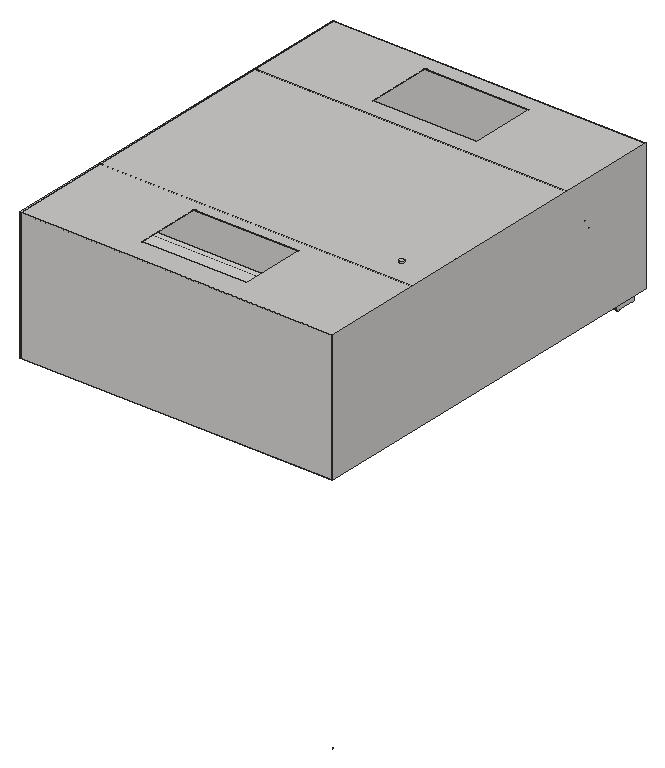
Revit family "QF_ELECTROLUXPROFESSIONAL_641257_STPF1512", category Specialty Equipment, Revit 2014
Reference planes
  plane 1: z = 0
  plane 2 "Center (Left/Right)": x = 150
  plane 3 "LEFT": x = -450
  plane 4 "RIGHT": x = 750
  plane 5 "BACK": y = 550
  plane 6 "TOP": z = 2500
  plane 7 "Base": z = 2000
  plane 8: z = 1955
  plane 9 "DrainY": y = 490
  plane 10: x = -447
  plane 11 "DrainX": x = 630
  plane 12 "AOLeft2": x = 350
  plane 13: x = 747
  plane 14: x = -250
  plane 15: x = 550
  plane 16 "Center (Front/Back)": y = -100
  plane 17 "Front": y = -950
  plane 18 "AOLeft1": x = -50
  plane 19: y = -864
  plane 20: y = -614
  plane 21: y = 240
  plane 22: y = 490
  plane 23 "EI_y": y = -470
  plane 24 "EIx": x = 630
Forms (mm)
  Extrusion 1, solid, material "QF_Finishes_Stainless Steel"
    sketch origin (-450, 0, 360) x (0, 1, 0) y (0, 0, 1)
      loop
        line (550, 1640) -> (550, 2140) -> (-950, 2140) -> (-950, 1640) -> (550, 1640)
    from 0 to 3
  Extrusion 2, solid, material "QF_Finishes_Stainless Steel"
    sketch origin (750, 0, 360) x (0, 1, 0) y (0, 0, 1)
      loop
        line (550, 1640) -> (550, 2140) -> (-950, 2140) -> (-950, 1640) -> (550, 1640)
    from 0 to -3
  Extrusion 3, solid, material "QF_Finishes_Stainless Steel"
    sketch origin (150, 0, 360) x (0, 1, 0) y (0, 0, 1)
      loop
        line (-950, 2140) -> (-950, 1640) -> (-940, 1640) -> (-940, 1640.8) -> (-949.2, 1640.8) -> (-949.2, 2139.19) -> (549.2, 2139.19) -> (549.2, 1640.8) -> (540, 1640.8) -> (540, 1640) -> (550, 1640) -> (550, 2140) -> (-950, 2140)
    from -600 to 600
  Extrusion 4, solid, material "QF_Finishes_Stainless Steel"
    sketch origin (0, 0, 2000) x (0, 1, 0) y (-1, 0, 0)
      loop
        circle (490, -630) r 4.763
    from -30 to 0
  Extrusion 5, void
    sketch origin (0, 0, 2500) x (0, 1, 0) y (-1, 0, 0)
      loop
        line (-614, -350) -> (-614, 50) -> (-864, 50) -> (-864, -350) -> (-614, -350)
    from 0 to -10
  Extrusion 6, solid, material "QF_Finishes_Stainless Steel"
    sketch origin (0, 0, 0) x (1, 0, 0) y (0, 1, 0)
      loop
        line (-450, 550) -> (-450, 549) -> (-449, 549) -> (-449, 550) -> (-450, 550)
    from 0 to 1
  Extrusion 7, solid, material "QF_LAMPS"
    sketch origin (150, 0, 360) x (0, 1, 0) y (0, 0, 1)
      loop
        line (-572.823, 1962.324) -> (-418.948, 2086.929) -> (-427.129, 2097.032) -> (-581.003, 1972.426) -> (-572.823, 1962.324)
    from 597 to -597
  Sweep 8, solid, material "QF_Finishes_Stainless Steel"
    path origin (0, 0, 0) x (1, 0, 0) y (0, 1, 0)
      loop
        line (750, 550) -> (-450, 550) -> (-450, -950) -> (750, -950) -> (750, 550)
    profile origin (750, -200, 0) x (1, 0, 0) y (0, 0, 1)
      loop
        line (-3, 2000) -> (-3, 2000.8) -> (-19, 2000.8) -> (-19, 2010) -> (-20, 2010) -> (-20, 2000) -> (-3, 2000)
  Extrusion 9, solid, material "QF_Finishes_Stainless Steel"
    sketch origin (150, 0, 0) x (0, 1, 0) y (0, 0, 1)
      loop
        line (414.66, 2095.469) -> (440.643, 2110.471) -> (261.744, 2411.771) -> (235.948, 2396.455) -> (414.66, 2095.469)
    from -597 to -400
  Extrusion 10, solid, material "QF_Finishes_Stainless Steel"
    sketch origin (630, 0, 0) x (0, 1, 0) y (0, 0, 1)
      loop
        line (539, 2000) -> (441, 2000) -> (441, 1989) -> (448.5, 1989) -> (448.5, 1965)
        arc (448.5, 1965) -> (451.429, 1957.929) -> (458.5, 1955) r 10
        line (458.5, 1955) -> (521.5, 1955)
        arc (521.5, 1955) -> (528.571, 1957.929) -> (531.5, 1965) r 10
        line (531.5, 1965) -> (531.5, 1989) -> (539, 1989) -> (539, 2000)
    from 90 to -90
  Extrusion 11, solid, material "QF_Finishes_Stainless Steel"
    sketch origin (150, 0, 0) x (0, 1, 0) y (0, 0, 1)
      loop
        line (414.66, 2095.469) -> (440.643, 2110.471) -> (261.744, 2411.771) -> (235.948, 2396.455) -> (414.66, 2095.469)
    from 400 to 597
  Extrusion 12, solid, material "QF_Finished_Chrome"
    sketch origin (150, 0, 0) x (0, 1, 0) y (0, 0, 1)
      loop
        line (414.66, 2095.469) -> (440.643, 2110.471) -> (261.744, 2411.771) -> (235.948, 2396.455) -> (414.66, 2095.469)
    from -400 to 400
  Extrusion 13, void
    sketch origin (0, 1180, 2500) x (0, 1, 0) y (-1, 0, 0)
      loop
        line (-690, -350) -> (-690, 50) -> (-940, 50) -> (-940, -350) -> (-690, -350)
    from 0 to -10
  Extrusion 14, solid, material "QF_Finishes_Stainless Steel"
    sketch origin (0, 0, 2500) x (0, 1, 0) y (-1, 0, 0)
      loop
        circle (-470, -630) r 10
    from 0 to 1.6
  Extrusion 15, solid, material "QF_Finishes_Stainless Steel"
    sketch origin (150, 0, 360) x (0, 1, 0) y (0, 0, 1)
      loop
        line (430.005, 1640) -> (540, 1640) -> (540, 1640.8) -> (430.467, 1640.8) -> (371.906, 1742.23) -> (414.858, 1734.657) -> (442.266, 1750.481) -> (442.266, 1765.943) -> (441.466, 1765.943) -> (441.466, 1750.943) -> (414.709, 1735.495) -> (321.153, 1751.991) -> (320.875, 1750.416) -> (371.4, 1741.507) -> (430.005, 1640)
      loop
        line (172.529, 2139.19) -> (242.893, 2017.316) -> (245.133, 2018.715) -> (240.13, 2027.381) -> (238.569, 2026.405) -> (173.453, 2139.19) -> (172.529, 2139.19)
    from -597 to 597
  Extrusion 16, solid, material "QF_Finishes_Stainless Steel"
    sketch origin (150, 200.8, 360) x (0, 1, 0) y (0, 0, 1)
      loop
        line (-1150, 2139.19) -> (-1150, 1640) -> (-1086.602, 1640) -> (-999.146, 1690.493) -> (-1010.058, 1709.394) -> (-1066.564, 1676.77) -> (-1114.704, 1680.982) -> (-1149.2, 1730.248) -> (-1149.2, 2139.19) -> (-1150, 2139.19)
      loop
        line (-773.6, 1961.694) -> (-781.937, 1971.99) -> (-769.095, 1982.182) -> (-769.095, 2139.19) -> (-769.895, 2139.19) -> (-769.895, 1982.569) -> (-1082.298, 1734.63) -> (-1071.091, 1720.79) -> (-773.6, 1961.694)
      loop
        line (-627.61, 2099.216) -> (-618.171, 2087.559) -> (-554.411, 2139.19) -> (-555.682, 2139.19) -> (-618.052, 2088.684) -> (-626.989, 2099.719) -> (-627.61, 2099.216)
    from -597 to 597
  Extrusion 17, solid, material "QF_Finishes_Stainless Steel"
    sketch origin (0, 0, 2500) x (0, 1, 0) y (-1, 0, 0)
      loop
        circle (-470, -630) r 10
    from 0 to 1.6
Cuts and joins
  Extrusion 5, Extrusion 13 cuts Extrusion 3
  joined: Extrusion 2, Extrusion 3, Sweep 8
Lines and regions (mm)
  symbolic lines, style "SpecialityEquipment", detail levels coarse
    curve 1: line (750, 550, 2500) -> (-450, 550, 2500)
    curve 2: line (-450, 550, 2500) -> (-450, -950, 2500)
    curve 3: line (750, -950, 2500) -> (750, 550, 2500)
    curve 4: line (-450, 550, 0) -> (750, -950, 0)
    curve 5: line (750, 550, 0) -> (-450, -950, 0)
    curve 6: line (-450, -950, 0) -> (750, -950, 0)
  symbolic lines, detail levels coarse
    curve 7: line (-50, 240, 2500) -> (350, 240, 2500)
    curve 8: line (-50, 490, 2500) -> (-50, 240, 2500)
    curve 9: line (350, 490, 2500) -> (-50, 490, 2500)
    curve 10: line (350, 240, 2500) -> (350, 490, 2500)
    curve 11: line (-50, -614, 2500) -> (350, -614, 2500)
    curve 12: line (-50, -864, 2500) -> (-50, -614, 2500)
    curve 13: line (350, -864, 2500) -> (-50, -864, 2500)
    curve 14: line (350, -614, 2500) -> (350, -864, 2500)
Dimensions and locks
  plane 3 "LEFT" to plane 4 "RIGHT" = 1200 mm
  equal spacing: plane 3 "LEFT", plane 2 "Center (Left/Right)", plane 4 "RIGHT"
  plane 7 "Base" to plane 8 = 45 mm
  plane 5 "BACK" to plane 9 "DrainY" = 60 mm  (x2)
  plane 3 "LEFT" to plane 10 = 3 mm
  plane 11 "DrainX" to plane 4 "RIGHT" = 120 mm
  plane 13 to plane 4 "RIGHT" = 3 mm
  plane 3 "LEFT" to plane 14 = 200 mm
  plane 15 to plane 4 "RIGHT" = 200 mm
  locked: plane 7 "Base" to level at 2000
  locked: plane 6 "TOP" to plane 7 "Base" at 500
  locked: plane 18 "AOLeft1" to plane 12 "AOLeft2" at 400
  locked: plane 20 to plane 19 at 250
  locked: plane 19 to plane 17 "Front" at 86
  locked: plane 22 to plane 21 at 250
  locked: plane 5 "BACK" to plane 22 at 60
  locked: plane 23 "EI_y" to plane 17 "Front" at 480
  locked: plane 24 "EIx" to plane 4 "RIGHT" at 120
  locked: plane 5 "BACK" to plane 17 "Front" at 1500
  plane 5 "BACK" to plane 17 "Front" = 1500 mm
  equal spacing: plane 18 "AOLeft1", plane 2 "Center (Left/Right)", plane 12 "AOLeft2"
  aligned and locked: level to plane 1
  aligned and locked: plane 4 "RIGHT" to Extrusion 3
  aligned and locked: Extrusion 3 to plane 3 "LEFT"
  aligned and locked: Extrusion 2 to plane 13
  aligned and locked: Extrusion 9 to plane 10
  aligned and locked: Extrusion 5 to plane 18 "AOLeft1"
  aligned and locked: Extrusion 5 to plane 12 "AOLeft2"
  aligned and locked: plane 14 to Extrusion 9
  aligned and locked: plane 15 to Extrusion 11
  aligned and locked: plane 13 to Extrusion 11
  aligned and locked: Extrusion 12 to plane 14
  aligned and locked: Extrusion 12 to plane 15
  aligned and locked: plane 13 to Extrusion 7
  aligned and locked: Extrusion 7 to plane 10
  aligned and locked: Extrusion 13 to plane 21
  aligned and locked: plane 22 to Extrusion 13
  aligned and locked: Extrusion 13 to plane 18 "AOLeft1"
  aligned and locked: Extrusion 13 to plane 12 "AOLeft2"
  aligned and locked: Extrusion 15 to plane 10
  aligned and locked: plane 13 to Extrusion 15
  aligned and locked: Extrusion 5 to plane 19
  aligned and locked: plane 20 to Extrusion 5
  aligned and locked: Extrusion 16 to plane 10
  aligned and locked: plane 13 to Extrusion 16
Automatic sketch dimensions
  curve 6 to plane 3 "LEFT" = 0 mm
  curve 4 to plane 3 "LEFT" = 0 mm
  curve 5 to plane 4 "RIGHT" = 0 mm
  curve 6 to plane 4 "RIGHT" = 0 mm
  curve 4 to plane 17 "Front" = 0 mm
  curve 5 to plane 5 "BACK" = 0 mm
  curve 4 to plane 5 "BACK" = 0 mm
  Extrusion 1 sketch curve to plane 7 "Base" = 0 mm
  Extrusion 1 sketch curve to plane 17 "Front" = 0 mm
  Extrusion 1 sketch curve to plane 5 "BACK" = 0 mm
  Extrusion 1 sketch curve to plane 6 "TOP" = 0 mm
  Extrusion 2 sketch curve to plane 7 "Base" = 0 mm
  Extrusion 2 sketch curve to plane 17 "Front" = 0 mm
  Extrusion 2 sketch curve to plane 5 "BACK" = 0 mm
  Extrusion 2 sketch curve to plane 6 "TOP" = 0 mm
  Extrusion 3 sketch curve to plane 6 "TOP" = 0 mm
  Extrusion 3 sketch curve to plane 17 "Front" = 0 mm
  Extrusion 3 sketch curve to plane 7 "Base" = 0 mm  (x2)
  Extrusion 3 sketch curve to plane 5 "BACK" = 0 mm
  plane 17 "Front" to Extrusion 3 sketch curve = 0.8 mm
  Extrusion 3 sketch curve to Extrusion 3 sketch curve = 9.2 mm
  plane 7 "Base" to Extrusion 3 sketch curve = 0.8 mm  (x2)
  Extrusion 3 sketch curve to plane 5 "BACK" = 10 mm
  Extrusion 3 sketch curve to plane 5 "BACK" = 0.8 mm
  Extrusion 3 sketch curve to plane 6 "TOP" = 0.81 mm
  Extrusion 4 sketch curve to plane 9 "DrainY" = 0 mm
  Extrusion 4 sketch curve to plane 11 "DrainX" = 0 mm
  Extrusion 5 sketch curve to plane 12 "AOLeft2" = 0 mm
  Extrusion 5 sketch curve to plane 19 = 0 mm
  Extrusion 5 sketch curve to plane 20 = 0 mm
  Extrusion 5 sketch curve to plane 18 "AOLeft1" = 0 mm
  Extrusion 6 sketch curve to plane 3 "LEFT" = 0 mm
  Extrusion 6 sketch curve to plane 5 "BACK" = 0 mm
  plane 3 "LEFT" to Extrusion 6 sketch curve = 1 mm
  Extrusion 6 sketch curve to Extrusion 6 sketch curve = 1 mm
  plane 20 to Extrusion 7 sketch curve = 32.997 mm
  Extrusion 7 sketch curve to Extrusion 7 sketch curve = 8.181 mm  (x2)
  plane 23 "EI_y" to Extrusion 7 sketch curve = 42.871 mm
  Extrusion 7 sketch curve to plane 6 "TOP" = 177.676 mm
  Extrusion 7 sketch curve to Extrusion 7 sketch curve = 10.102 mm
  Extrusion 7 sketch curve to plane 6 "TOP" = 53.071 mm
  Extrusion 7 sketch curve to Extrusion 7 sketch curve = 10.103 mm
  Sweep 8 sketch curve to plane 3 "LEFT" = 0 mm
  Sweep 8 sketch curve to plane 4 "RIGHT" = 0 mm
  Sweep 8 sketch curve to plane 17 "Front" = 0 mm
  Sweep 8 sketch curve to plane 5 "BACK" = 0 mm
  profile plane to Sweep 8 sketch curve = 20 mm
  Sweep 8 sketch curve to Sweep 8 sketch curve = 1 mm
  profile plane to Sweep 8 sketch curve = 3 mm
  level to Sweep 8 sketch curve = 2000 mm
  Sweep 8 sketch curve to Sweep 8 sketch curve = 0.8 mm
  Sweep 8 sketch curve to Sweep 8 sketch curve = 9.2 mm
  Extrusion 9 sketch curve to plane 21 = 4.052 mm
  plane 21 to Extrusion 9 sketch curve = 21.744 mm
  Extrusion 9 sketch curve to plane 9 "DrainY" = 75.34 mm
  Extrusion 9 sketch curve to Extrusion 9 sketch curve = 25.983 mm
  plane 7 "Base" to Extrusion 9 sketch curve = 95.469 mm
  Extrusion 9 sketch curve to Extrusion 9 sketch curve = 15.001 mm
  Extrusion 9 sketch curve to plane 6 "TOP" = 103.545 mm
  Extrusion 9 sketch curve to Extrusion 9 sketch curve = 15.316 mm
  Extrusion 10 sketch curve to plane 8 = 0 mm
  Extrusion 10 sketch curve to plane 7 "Base" = 11 mm  (x2)
  Extrusion 10 sketch curve to plane 9 "DrainY" = 49 mm
  Extrusion 10 sketch curve to Extrusion 10 sketch curve = 7.5 mm  (x2)
  Extrusion 10 sketch curve to Extrusion 10 sketch curve = 10 mm
  Extrusion 10 sketch curve to plane 5 "BACK" = 28.5 mm
  Extrusion 10 sketch curve to plane 5 "BACK" = 18.5 mm
  plane 7 "Base" to Extrusion 10 sketch curve = 0 mm
  Extrusion 11 sketch curve to plane 21 = 4.052 mm
  plane 21 to Extrusion 11 sketch curve = 21.744 mm
  Extrusion 11 sketch curve to plane 9 "DrainY" = 75.34 mm
  Extrusion 11 sketch curve to Extrusion 11 sketch curve = 25.983 mm
  plane 7 "Base" to Extrusion 11 sketch curve = 95.469 mm
  Extrusion 11 sketch curve to Extrusion 11 sketch curve = 15.001 mm
  Extrusion 11 sketch curve to plane 6 "TOP" = 103.545 mm
  Extrusion 11 sketch curve to Extrusion 11 sketch curve = 15.316 mm
  Extrusion 12 sketch curve to plane 21 = 4.052 mm
  plane 21 to Extrusion 12 sketch curve = 21.744 mm
  Extrusion 12 sketch curve to plane 9 "DrainY" = 75.34 mm
  Extrusion 12 sketch curve to Extrusion 12 sketch curve = 25.983 mm
  plane 7 "Base" to Extrusion 12 sketch curve = 95.469 mm
  Extrusion 12 sketch curve to Extrusion 12 sketch curve = 15.001 mm
  Extrusion 12 sketch curve to plane 6 "TOP" = 103.545 mm
  Extrusion 12 sketch curve to Extrusion 12 sketch curve = 15.316 mm
  Extrusion 13 sketch curve to plane 12 "AOLeft2" = 0 mm
  Extrusion 13 sketch curve to plane 21 = 0 mm
  Extrusion 13 sketch curve to plane 9 "DrainY" = 0 mm
  Extrusion 13 sketch curve to plane 18 "AOLeft1" = 0 mm
  Extrusion 14 sketch curve to plane 23 "EI_y" = 0 mm
  Extrusion 14 sketch curve to plane 24 "EIx" = 0 mm
  Extrusion 15 sketch curve to plane 7 "Base" = 0 mm
  Extrusion 15 sketch curve to plane 6 "TOP" = 0.81 mm
  Extrusion 15 sketch curve to plane 21 = 67.471 mm
  Extrusion 15 sketch curve to Extrusion 15 sketch curve = 0.924 mm
  Extrusion 15 sketch curve to plane 21 = 1.431 mm
  plane 21 to Extrusion 15 sketch curve = 0.13 mm
  plane 21 to Extrusion 15 sketch curve = 2.893 mm
  Extrusion 15 sketch curve to Extrusion 15 sketch curve = 2.24 mm
  plane 21 to Extrusion 15 sketch curve = 80.875 mm
  Extrusion 15 sketch curve to Extrusion 15 sketch curve = 0.278 mm
  Extrusion 15 sketch curve to Extrusion 15 sketch curve = 50.525 mm
  Extrusion 15 sketch curve to Extrusion 15 sketch curve = 0.506 mm
  Extrusion 15 sketch curve to Extrusion 15 sketch curve = 42.803 mm
  Extrusion 15 sketch curve to Extrusion 15 sketch curve = 0.148 mm
  Extrusion 15 sketch curve to plane 9 "DrainY" = 59.995 mm
  plane 7 "Base" to Extrusion 15 sketch curve = 0.8 mm
  Extrusion 15 sketch curve to Extrusion 15 sketch curve = 0.462 mm  (x2)
  Extrusion 15 sketch curve to Extrusion 15 sketch curve = 109.533 mm
  Extrusion 15 sketch curve to Extrusion 15 sketch curve = 26.757 mm
  Extrusion 15 sketch curve to Extrusion 15 sketch curve = 0.8 mm
  plane 7 "Base" to Extrusion 15 sketch curve = 94.657 mm
  Extrusion 15 sketch curve to Extrusion 15 sketch curve = 0.838 mm
  Extrusion 15 sketch curve to Extrusion 15 sketch curve = 6.012 mm
  Extrusion 15 sketch curve to Extrusion 15 sketch curve = 0.723 mm
  Extrusion 15 sketch curve to Extrusion 15 sketch curve = 14.986 mm
  Extrusion 15 sketch curve to Extrusion 15 sketch curve = 15 mm
  Extrusion 15 sketch curve to plane 6 "TOP" = 122.684 mm
  Extrusion 15 sketch curve to Extrusion 15 sketch curve = 1.399 mm
  Extrusion 15 sketch curve to Extrusion 15 sketch curve = 9.089 mm
  Extrusion 15 sketch curve to Extrusion 15 sketch curve = 0.975 mm
  Extrusion 16 sketch curve to plane 7 "Base" = 0 mm
  plane 17 "Front" to Extrusion 16 sketch curve = 0.8 mm
  Extrusion 16 sketch curve to Extrusion 16 sketch curve = 0.8 mm  (x2)
  plane 17 "Front" to Extrusion 16 sketch curve = 36.096 mm
  Extrusion 16 sketch curve to plane 19 = 21.802 mm
  Extrusion 16 sketch curve to plane 19 = 17.498 mm
  Extrusion 16 sketch curve to plane 19 = 6.291 mm
  Extrusion 16 sketch curve to plane 19 = 1.764 mm
  plane 19 to Extrusion 16 sketch curve = 54.742 mm
  Extrusion 16 sketch curve to Extrusion 16 sketch curve = 10.912 mm
  plane 20 to Extrusion 16 sketch curve = 32.863 mm
  Extrusion 16 sketch curve to Extrusion 16 sketch curve = 8.337 mm
  Extrusion 16 sketch curve to Extrusion 16 sketch curve = 12.042 mm
  plane 23 "EI_y" to Extrusion 16 sketch curve = 43.19 mm
  Extrusion 16 sketch curve to Extrusion 16 sketch curve = 0.622 mm
  Extrusion 16 sketch curve to Extrusion 16 sketch curve = 9.44 mm
  Extrusion 16 sketch curve to Extrusion 16 sketch curve = 0.118 mm
  Extrusion 16 sketch curve to plane 6 "TOP" = 0.81 mm  (x3)
  Extrusion 16 sketch curve to Extrusion 16 sketch curve = 62.37 mm
  Extrusion 16 sketch curve to Extrusion 16 sketch curve = 1.271 mm
  plane 7 "Base" to Extrusion 16 sketch curve = 36.77 mm
  plane 7 "Base" to Extrusion 16 sketch curve = 40.982 mm
  plane 7 "Base" to Extrusion 16 sketch curve = 50.493 mm
  Extrusion 16 sketch curve to Extrusion 16 sketch curve = 18.901 mm
  Extrusion 16 sketch curve to Extrusion 16 sketch curve = 44.02 mm
  Extrusion 16 sketch curve to Extrusion 16 sketch curve = 49.266 mm
  Extrusion 16 sketch curve to Extrusion 16 sketch curve = 13.84 mm
  Extrusion 16 sketch curve to plane 6 "TOP" = 178.306 mm
  Extrusion 16 sketch curve to Extrusion 16 sketch curve = 10.296 mm
  Extrusion 16 sketch curve to Extrusion 16 sketch curve = 10.192 mm
  Extrusion 16 sketch curve to Extrusion 16 sketch curve = 0.386 mm
  Extrusion 16 sketch curve to plane 6 "TOP" = 52.441 mm
  Extrusion 16 sketch curve to Extrusion 16 sketch curve = 1.125 mm
  Extrusion 17 sketch curve to plane 23 "EI_y" = 0 mm
  Extrusion 17 sketch curve to plane 24 "EIx" = 0 mm
  curve 2 to plane 3 "LEFT" = 0 mm
  curve 2 to plane 17 "Front" = 0 mm
  curve 3 to plane 4 "RIGHT" = 0 mm
  curve 3 to plane 17 "Front" = 0 mm
  curve 13 to plane 18 "AOLeft1" = 0 mm
  curve 13 to plane 19 = 0 mm
  curve 14 to plane 12 "AOLeft2" = 0 mm
  curve 14 to plane 20 = 0 mm
  curve 7 to plane 18 "AOLeft1" = 0 mm
  curve 7 to plane 21 = 0 mm
  curve 8 to plane 9 "DrainY" = 0 mm
  curve 2 to plane 5 "BACK" = 0 mm
  curve 10 to plane 12 "AOLeft2" = 0 mm
  radius of Extrusion 4 sketch curve = 4.763 mm
  radius of Extrusion 14 sketch curve = 10 mm
  radius of Extrusion 17 sketch curve = 10 mm
Connectors
  piping at (630, 490, 1970), diameter 9.5
    settings: on Extrusion 4, index 1, connector inside diameter 609.6 mm, connector length 0 mm, flow factor 0, pipe flow 0.0 L/s, pressure drop 0.0 Pa, fitting loss kfactor 0, connector angle 0.00°, fixture units 0, engagement length 0 mm, angle of deflection 0.00°, flow configuration 1, flow direction 2, fitting loss method 0, system type 16, joint type 0, gender type 0, connector reference index -1, connector utility 0, adjustable connector no, is connector primary yes, connector description "Drain"
  hvac at (150, -739, 2500)
    settings: on Extrusion 5, index 2, duct flow 0.0 L/s, flow factor 0, pres drop 0.0 Pa, loss coef 0, conn angle 0.00°, conn width 250 mm, conn height 400 mm, conn diameter 609.6 mm, duct sys type 1, conn prof type 1, flow config 1, flow direction 1, loss method 0, conn ref index -1, conn util no, is conn primary yes, conn desc "AIR INLET"
  hvac at (150, 365, 2500)
    settings: on Extrusion 13, index 4, duct flow 0.0 L/s, flow factor 0, pres drop 0.0 Pa, loss coef 0, conn angle 0.00°, conn width 250 mm, conn height 400 mm, conn diameter 609.6 mm, duct sys type 3, conn prof type 1, flow config 1, flow direction 2, loss method 0, conn ref index -1, conn util no, is conn primary no, conn desc "EXHAUST OUTLET"
  electrical at (630, -470, 2501.6)
    settings: on Extrusion 14, index 6, voltage 0 V, apparent load 0 VA, apparent load phase1 0 VA, apparent load phase2 0 VA, apparent load phase3 0 VA, power factor 1, load classification "Other", number of poles 1, system type 30, power factor state 1, is connector primary yes, connector utility no, sub classification motor no, connector description "Electrical Connection"
  electrical at (630, -470, 2501.6)
    settings: on Extrusion 17, index 12, voltage 0 V, apparent load 0 VA, apparent load phase1 0 VA, apparent load phase2 0 VA, apparent load phase3 0 VA, power factor 1, load classification "Other", number of poles 1, system type 30, power factor state 1, is connector primary no, connector utility no, sub classification motor no, connector description ""
